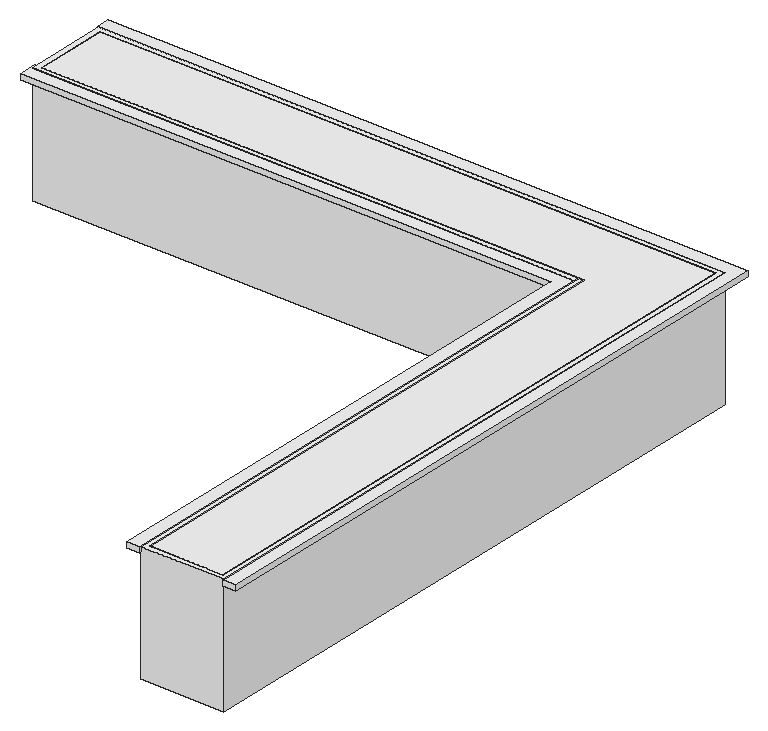
Revit family "Lighting-Recessed-Ledalite-TruGroove-LED_Flat_Corner V", category Lighting Fixtures, host Face, Revit 2017 (continued)
Types (135): name | Wattage | Trimless/TGrid | Trim Width | Trim Length | Trim | built-in parameter 1150134 | Spacing to Mounting Height Ratio Diagonal | Spacing to Mounting Height Ratio 90 Degree Plane | Spacing to Mounting Height Ratio 0 Degree Plane | Photometric Web File | Model | built-in parameter 1150105 | Lumens | LER Luminaire Efficacy Rating | built-in parameter 1150107 | built-in parameter 1150106 | Description | Depth below Ceiling | Depth | Catalog Number | Apparent Load
  39A1LCGQx422 | 14.3259 W | no | 4 1/2" | 26 77/256" | yes | (empty or 0) | "1.52" | "1.76" | "1.42" | "39x1LCGQxx04.ies" | "39A1LCGQx422" | 169.34 (stored number, unit not read) | 2128 lm | "76" | 3000 (stored number, unit not read) | 1.6934 (stored number, unit not read) | "2x2 Flat Corner, Performance LED, 3000K, 2200 Nominal Delivered Lumens, Flush Meso Lens, Drywall Trim" | 41/256" | 4 225/256" | "39A1LCGQx422" | 28 VA
  39A1LCGQx322 | 14.3259 W | yes | 6 61/256" | 27 13/128" | no | (empty or 0) | "1.52" | "1.76" | "1.42" | "39x1LCGQxx04.ies" | "39A1LCGQx322" | 169.34 (stored number, unit not read) | 2128 lm | "76" | 3000 (stored number, unit not read) | 1.6934 (stored number, unit not read) | "2x2 Flat Corner, Performance LED, 3000K, 2200 Nominal Delivered Lumens, Flush Meso Lens, Drywall Trimless" | 41/256" | 4 225/256" | "39A1LCGQx322" | 28 VA
  39A1LCGRx122 | 12.7169 W | yes | 4" | 25 115/128" | no | (empty or 0) | "1.4" | "1.5" | "1.34" | "39x1LCGRxx04.ies" | "39A1LCGRx122" | 150.32 (stored number, unit not read) | 1889 lm | "67" | 3000 (stored number, unit not read) | 1.5032 (stored number, unit not read) | "2x2 Flat Corner, Performance LED, 3000K, 2200 Nominal Delivered Lumens, Regressed Meso Lens, T- Grid" | 0" | 4 23/32" | "39A1LCGRx122" | 28.2 VA
  39A1LCGRx422 | 12.7169 W | no | 4 1/2" | 26 77/256" | yes | (empty or 0) | "1.4" | "1.5" | "1.34" | "39x1LCGRxx04.ies" | "39A1LCGRx422" | 150.32 (stored number, unit not read) | 1889 lm | "67" | 3000 (stored number, unit not read) | 1.5032 (stored number, unit not read) | "2x2 Flat Corner, Performance LED, 3000K, 2200 Nominal Delivered Lumens, Regressed Meso Lens, Drywall Trim" | 41/256" | 4 225/256" | "39A1LCGRx422" | 28.2 VA
  39A1LCGRx322 | 12.7169 W | yes | 6 61/256" | 27 13/128" | no | (empty or 0) | "1.4" | "1.5" | "1.34" | "39x1LCGRxx04.ies" | "39A1LCGRx322" | 150.32 (stored number, unit not read) | 1889 lm | "67" | 3000 (stored number, unit not read) | 1.5032 (stored number, unit not read) | "2x2 Flat Corner, Performance LED, 3000K, 2200 Nominal Delivered Lumens, Regressed Meso Lens, Drywall Trimless" | 41/256" | 4 225/256" | "39A1LCGRx322" | 28.2 VA
  39A1LCKQx122 | 9.92312 W | yes | 4" | 25 115/128" | no | (empty or 0) | "1.52" | "1.76" | "1.42" | "39x1LCKQxx04.ies" | "39A1LCKQx122" | 117.3 (stored number, unit not read) | 1474 lm | "78" | 3000 (stored number, unit not read) | 1.173 (stored number, unit not read) | "2x2 Flat Corner, Performance LED, 3000K, 1500 Nominal Delivered Lumens, Flush Meso Lens, T- Grid" | 0" | 4 23/32" | "39A1LCKQx122" | 18.8 VA
  39A1LCKQx422 | 9.92312 W | no | 4 1/2" | 26 77/256" | yes | (empty or 0) | "1.52" | "1.76" | "1.42" | "39x1LCKQxx04.ies" | "39A1LCKQx422" | 117.3 (stored number, unit not read) | 1474 lm | "78" | 3000 (stored number, unit not read) | 1.173 (stored number, unit not read) | "2x2 Flat Corner, Performance LED, 3000K, 1500 Nominal Delivered Lumens, Flush Meso Lens, Drywall Trim" | 41/256" | 4 225/256" | "39A1LCKQx422" | 18.8 VA
  39A1LCKQx322 | 9.92312 W | yes | 6 61/256" | 27 13/128" | no | (empty or 0) | "1.52" | "1.76" | "1.42" | "39x1LCKQxx04.ies" | "39A1LCKQx322" | 117.3 (stored number, unit not read) | 1474 lm | "78" | 3000 (stored number, unit not read) | 1.173 (stored number, unit not read) | "2x2 Flat Corner, Performance LED, 3000K, 1500 Nominal Delivered Lumens, Flush Meso Lens, Drywall Trimless" | 41/256" | 4 225/256" | "39A1LCKQx322" | 18.8 VA
  39A1LCKRx122 | 8.80559 W | yes | 4" | 25 115/128" | no | (empty or 0) | "1.4" | "1.5" | "1.34" | "39x1LCKRxx04.ies" | "39A1LCKRx122" | 104.09 (stored number, unit not read) | 1308 lm | "69" | 3000 (stored number, unit not read) | 1.0409 (stored number, unit not read) | "2x2 Flat Corner, Performance LED, 3000K, 1500 Nominal Delivered Lumens, Regressed Meso Lens, T- Grid" | 0" | 4 23/32" | "39A1LCKRx122" | 18.9 VA
  39A1LCKRx422 | 8.80559 W | no | 4 1/2" | 26 77/256" | yes | (empty or 0) | "1.4" | "1.5" | "1.34" | "39x1LCKRxx04.ies" | "39A1LCKRx422" | 104.09 (stored number, unit not read) | 1308 lm | "69" | 3000 (stored number, unit not read) | 1.0409 (stored number, unit not read) | "2x2 Flat Corner, Performance LED, 3000K, 1500 Nominal Delivered Lumens, Regressed Meso Lens, Drywall Trim" | 41/256" | 4 225/256" | "39A1LCKRx422" | 18.9 VA
  39A1LCKRx322 | 8.80559 W | yes | 6 61/256" | 27 13/128" | no | (empty or 0) | "1.4" | "1.5" | "1.34" | "39x1LCKRxx04.ies" | "39A1LCKRx322" | 104.09 (stored number, unit not read) | 1308 lm | "69" | 3000 (stored number, unit not read) | 1.0409 (stored number, unit not read) | "2x2 Flat Corner, Performance LED, 3000K, 1500 Nominal Delivered Lumens, Regressed Meso Lens, Drywall Trimless" | 41/256" | 4 225/256" | "39A1LCKRx322" | 18.9 VA
  39A8LAEQx122 | 20.129 W | yes | 4" | 25 115/128" | no | 12 | "1.22" | "1.24" | "1.44" | "39x8LAEQxx04.ies" | "39A8LAEQx122" | 237.94 (stored number, unit not read) | 2990 lm | "71" | 4000 (stored number, unit not read) | 2.3794 (stored number, unit not read) | "2x2 Flat Corner, Asymmetric LED, 4000K, 3000 Nominal Delivered Lumens, Flush Meso Lens, T-Grid" | 0" | 4 23/32" | "39A8LAEQx122" | 42 VA
  39A8LAEQx422 | 20.129 W | no | 4 1/2" | 26 77/256" | yes | 12 | "1.22" | "1.24" | "1.44" | "39x8LAEQxx04.ies" | "39A8LAEQx422" | 237.94 (stored number, unit not read) | 2990 lm | "71" | 4000 (stored number, unit not read) | 2.3794 (stored number, unit not read) | "2x2 Flat Corner, Asymmetric LED, 4000K, 3000 Nominal Delivered Lumens, Flush Meso Lens, Drywall Trim" | 41/256" | 4 225/256" | "39A8LAEQx422" | 42 VA
  39A8LAEQx322 | 20.129 W | yes | 6 61/256" | 27 13/128" | no | 12 | "1.22" | "1.24" | "1.44" | "39x8LAEQxx04.ies" | "39A8LAEQx322" | 237.94 (stored number, unit not read) | 2990 lm | "71" | 4000 (stored number, unit not read) | 2.3794 (stored number, unit not read) | "2x2 Flat Corner, Asymmetric LED, 4000K, 3000 Nominal Delivered Lumens, Flush Meso Lens, Drywall Trimless" | 41/256" | 4 225/256" | "39A8LAEQx322" | 42 VA
  39A8LAGQx122 | 14.4875 W | yes | 4" | 25 115/128" | no | 12 | "1.22" | "1.24" | "1.44" | "39x8LAGQxx04.ies" | "39A8LAGQx122" | 171.25 (stored number, unit not read) | 2152 lm | "77" | 4000 (stored number, unit not read) | 1.7125 (stored number, unit not read) | "2x2 Flat Corner, Asymmetric LED, 4000K, 2200 Nominal Delivered Lumens, Flush Meso Lens, T-Grid" | 0" | 4 23/32" | "39A8LAGQx122" | 28.1 VA
  39A8LAGQx422 | 14.4875 W | no | 4 1/2" | 26 77/256" | yes | 12 | "1.22" | "1.24" | "1.44" | "39x8LAGQxx04.ies" | "39A8LAGQx422" | 171.25 (stored number, unit not read) | 2152 lm | "77" | 4000 (stored number, unit not read) | 1.7125 (stored number, unit not read) | "2x2 Flat Corner, Asymmetric LED, 4000K, 2200 Nominal Delivered Lumens, Flush Meso Lens, Drywall Trim" | 41/256" | 4 225/256" | "39A8LAGQx422" | 28.1 VA
  39A8LAGQx322 | 14.4875 W | yes | 6 61/256" | 27 13/128" | no | 12 | "1.22" | "1.24" | "1.44" | "39x8LAGQxx04.ies" | "39A8LAGQx322" | 171.25 (stored number, unit not read) | 2152 lm | "77" | 4000 (stored number, unit not read) | 1.7125 (stored number, unit not read) | "2x2 Flat Corner, Asymmetric LED, 4000K, 2200 Nominal Delivered Lumens, Flush Meso Lens, Drywall Trimless" | 41/256" | 4 225/256" | "39A8LAGQx322" | 0 VA
  39A8LAKQx122 | 9.99717 W | yes | 4" | 25 115/128" | no | 12 | "1.22" | "1.24" | "1.44" | "39x8LAKQxx04.ies" | "39A8LAKQx122" | 118.17 (stored number, unit not read) | 1485 lm | "79" | 4000 (stored number, unit not read) | 1.1817 (stored number, unit not read) | "2x2 Flat Corner, Asymmetric LED, 4000K, 1500 Nominal Delivered Lumens, Flush Meso Lens, T-Grid" | 0" | 4 23/32" | "39A8LAKQx122" | 18.8 VA
  39A8LAKQx422 | 9.99717 W | no | 4 1/2" | 26 77/256" | yes | 12 | "1.22" | "1.24" | "1.44" | "39x8LAKQxx04.ies" | "39A8LAKQx422" | 118.17 (stored number, unit not read) | 1485 lm | "79" | 4000 (stored number, unit not read) | 1.1817 (stored number, unit not read) | "2x2 Flat Corner, Asymmetric LED, 4000K, 1500 Nominal Delivered Lumens, Flush Meso Lens, Drywall Trim" | 41/256" | 4 225/256" | "39A8LAKQx422" | 18.8 VA
  39A8LAKQx322 | 9.99717 W | yes | 6 61/256" | 27 13/128" | no | 12 | "1.22" | "1.24" | "1.44" | "39x8LAKQxx04.ies" | "39A8LAKQx322" | 118.17 (stored number, unit not read) | 1485 lm | "79" | 4000 (stored number, unit not read) | 1.1817 (stored number, unit not read) | "2x2 Flat Corner, Asymmetric LED, 4000K, 1500 Nominal Delivered Lumens, Flush Meso Lens, Drywall Trimless" | 41/256" | 4 225/256" | "39A8LAKQx322" | 18.8 VA
  39A8LBEQx122 | 20.304 W | yes | 4" | 25 115/128" | no | (empty or 0) | "1.22" | "1.24" | "1.44" | "39x8LBEQxx04.ies" | "39A8LBEQx122" | 240.01 (stored number, unit not read) | 3016 lm | "72" | 3500 (stored number, unit not read) | 2.4001 (stored number, unit not read) | "2x2 Flat Corner, Asymmetric LED, 3500K, 3000 Nominal Delivered Lumens, Flush Meso Lens, T-Grid" | 0" | 4 23/32" | "39A8LBEQx122" | 41.6 VA
  39A8LBEQx422 | 20.304 W | no | 4 1/2" | 26 77/256" | yes | (empty or 0) | "1.22" | "1.24" | "1.44" | "39x8LBEQxx04.ies" | "39A8LBEQx422" | 240.01 (stored number, unit not read) | 3016 lm | "72" | 3500 (stored number, unit not read) | 2.4001 (stored number, unit not read) | "2x2 Flat Corner, Asymmetric LED, 3500K, 3000 Nominal Delivered Lumens, Flush Meso Lens, Drywall Trim" | 41/256" | 4 225/256" | "39A8LBEQx422" | 41.6 VA
  39A8LBEQx322 | 20.304 W | yes | 6 61/256" | 27 13/128" | no | (empty or 0) | "1.22" | "1.24" | "1.44" | "39x8LBEQxx04.ies" | "39A8LBEQx322" | 240.01 (stored number, unit not read) | 3016 lm | "72" | 3500 (stored number, unit not read) | 2.4001 (stored number, unit not read) | "2x2 Flat Corner, Asymmetric LED, 3500K, 3000 Nominal Delivered Lumens, Flush Meso Lens, Drywall Trimless" | 41/256" | 4 225/256" | "39A8LBEQx322" | 41.6 VA
  39A8LBGQx122 | 14.5885 W | yes | 4" | 25 115/128" | no | (empty or 0) | "1.22" | "1.24" | "1.44" | "39x8LBGQxx04.ies" | "39A8LBGQx122" | 172.44 (stored number, unit not read) | 2167 lm | "78" | 3500 (stored number, unit not read) | 1.7244 (stored number, unit not read) | "2x2 Flat Corner, Asymmetric LED, 3500K, 2200 Nominal Delivered Lumens, Flush Meso Lens, T-Grid" | 0" | 4 23/32" | "39A8LBGQx122" | 27.8 VA
  39A8LBGQx422 | 14.5885 W | no | 4 1/2" | 26 77/256" | yes | (empty or 0) | "1.22" | "1.24" | "1.44" | "39x8LBGQxx04.ies" | "39A8LBGQx422" | 172.44 (stored number, unit not read) | 2167 lm | "78" | 3500 (stored number, unit not read) | 1.7244 (stored number, unit not read) | "2x2 Flat Corner, Asymmetric LED, 3500K, 2200 Nominal Delivered Lumens, Flush Meso Lens, Drywall Trim" | 41/256" | 4 225/256" | "39A8LBGQx422" | 27.8 VA
  39A8LBGQx322 | 14.5885 W | yes | 6 61/256" | 27 13/128" | no | (empty or 0) | "1.22" | "1.24" | "1.44" | "39x8LBGQxx04.ies" | "39A8LBGQx322" | 172.44 (stored number, unit not read) | 2167 lm | "78" | 3500 (stored number, unit not read) | 1.7244 (stored number, unit not read) | "2x2 Flat Corner, Asymmetric LED, 3500K, 2200 Nominal Delivered Lumens, Flush Meso Lens, Drywall Trimless" | 41/256" | 4 225/256" | "39A8LBGQx322" | 27.8 VA
  39A8LBKQx122 | 10.078 W | yes | 4" | 25 115/128" | no | (empty or 0) | "1.22" | "1.24" | "1.44" | "39x8LBKQxx04.ies" | "39A8LBKQx122" | 119.13 (stored number, unit not read) | 1497 lm | "80" | 3500 (stored number, unit not read) | 1.1913 (stored number, unit not read) | "2x2 Flat Corner, Asymmetric LED, 3500K, 1500 Nominal Delivered Lumens, Flush Meso Lens, T-Grid" | 0" | 4 23/32" | "39A8LBKQx122" | 18.7 VA
  39A8LBKQx422 | 10.078 W | no | 4 1/2" | 26 77/256" | yes | (empty or 0) | "1.22" | "1.24" | "1.44" | "39x8LBKQxx04.ies" | "39A8LBKQx422" | 119.13 (stored number, unit not read) | 1497 lm | "80" | 3500 (stored number, unit not read) | 1.1913 (stored number, unit not read) | "2x2 Flat Corner, Asymmetric LED, 3500K, 1500 Nominal Delivered Lumens, Flush Meso Lens, Drywall Trim" | 41/256" | 4 225/256" | "39A8LBKQx422" | 18.7 VA
  39A8LBKQx322 | 10.078 W | yes | 6 61/256" | 27 13/128" | no | (empty or 0) | "1.22" | "1.24" | "1.44" | "39x8LBKQxx04.ies" | "39A8LBKQx322" | 119.13 (stored number, unit not read) | 1497 lm | "80" | 3500 (stored number, unit not read) | 1.1913 (stored number, unit not read) | "2x2 Flat Corner, Asymmetric LED, 3500K, 1500 Nominal Delivered Lumens, Flush Meso Lens, Drywall Trimless" | 41/256" | 4 225/256" | "39A8LBKQx322" | 18.7 VA
  39A8LCEQx122 | 19.4962 W | yes | 4" | 25 115/128" | no | (empty or 0) | "1.22" | "1.24" | "1.44" | "39x8LCEQxx04.ies" | "39A8LCEQx122" | 230.46 (stored number, unit not read) | 2896 lm | "69" | 3000 (stored number, unit not read) | 2.3046 (stored number, unit not read) | "2x2 Flat Corner, Asymmetric LED, 3000K, 3000 Nominal Delivered Lumens, Flush Meso Lens, T-Grid" | 0" | 4 23/32" | "39A8LCEQx122" | 41.7 VA
  39A8LCEQx422 | 19.4962 W | no | 4 1/2" | 26 77/256" | yes | (empty or 0) | "1.22" | "1.24" | "1.44" | "39x8LCEQxx04.ies" | "39A8LCEQx422" | 230.46 (stored number, unit not read) | 2896 lm | "69" | 3000 (stored number, unit not read) | 2.3046 (stored number, unit not read) | "2x2 Flat Corner, Asymmetric LED, 3000K, 3000 Nominal Delivered Lumens, Flush Meso Lens, Drywall Trim" | 41/256" | 4 225/256" | "39A8LCEQx422" | 41.7 VA
  39A8LCEQx322 | 19.4962 W | yes | 6 61/256" | 27 13/128" | no | (empty or 0) | "1.22" | "1.24" | "1.44" | "39x8LCEQxx04.ies" | "39A8LCEQx322" | 230.46 (stored number, unit not read) | 2896 lm | "69" | 3000 (stored number, unit not read) | 2.3046 (stored number, unit not read) | "2x2 Flat Corner, Asymmetric LED, 3000K, 3000 Nominal Delivered Lumens, Flush Meso Lens, Drywall Trimless" | 41/256" | 4 225/256" | "39A8LCEQx322" | 0 VA
  39A8LCGQx122 | 14.0903 W | yes | 4" | 25 115/128" | no | (empty or 0) | "1.22" | "1.24" | "1.44" | "39x8LCGQxx04.ies" | "39A8LCGQx122" | 166.56 (stored number, unit not read) | 2093 lm | "74" | 3000 (stored number, unit not read) | 1.6656 (stored number, unit not read) | "2x2 Flat Corner, Asymmetric LED, 3000K, 2200 Nominal Delivered Lumens, Flush Meso Lens, T-Grid" | 0" | 4 23/32" | "39A8LCGQx122" | 28.2 VA
  39A8LCGQx422 | 14.0903 W | no | 4 1/2" | 26 77/256" | yes | (empty or 0) | "1.22" | "1.24" | "1.44" | "39x8LCGQxx04.ies" | "39A8LCGQx422" | 166.56 (stored number, unit not read) | 2093 lm | "74" | 3000 (stored number, unit not read) | 1.6656 (stored number, unit not read) | "2x2 Flat Corner, Asymmetric LED, 3000K, 2200 Nominal Delivered Lumens, Flush Meso Lens, Drywall Trim" | 41/256" | 4 225/256" | "39A8LCGQx422" | 28.2 VA
  39A8LCGQx322 | 14.0903 W | yes | 6 61/256" | 27 13/128" | no | (empty or 0) | "1.22" | "1.24" | "1.44" | "39x8LCGQxx04.ies" | "39A8LCGQx322" | 166.56 (stored number, unit not read) | 2093 lm | "74" | 3000 (stored number, unit not read) | 1.6656 (stored number, unit not read) | "2x2 Flat Corner, Asymmetric LED, 3000K, 2200 Nominal Delivered Lumens, Flush Meso Lens, Drywall Trimless" | 41/256" | 4 225/256" | "39A8LCGQx322" | 28.2 VA
  39A8LCKQx122 | 9.75482 W | yes | 4" | 25 115/128" | no | (empty or 0) | "1.22" | "1.24" | "1.44" | "39x8LCKQxx04.ies" | "39A8LCKQx122" | 115.31 (stored number, unit not read) | 1449 lm | "77" | 3000 (stored number, unit not read) | 1.1531 (stored number, unit not read) | "2x2 Flat Corner, Asymmetric LED, 3000K, 1500 Nominal Delivered Lumens, Flush Meso Lens, T-Grid" | 0" | 4 23/32" | "39A8LCKQx122" | 18.9 VA
  39A8LCKQx422 | 9.75482 W | no | 4 1/2" | 26 77/256" | yes | (empty or 0) | "1.22" | "1.24" | "1.44" | "39x8LCKQxx04.ies" | "39A8LCKQx422" | 115.31 (stored number, unit not read) | 1449 lm | "77" | 3000 (stored number, unit not read) | 1.1531 (stored number, unit not read) | "2x2 Flat Corner, Asymmetric LED, 3000K, 1500 Nominal Delivered Lumens, Flush Meso Lens, Drywall Trim" | 41/256" | 4 225/256" | "39A8LCKQx422" | 18.9 VA
  39A8LCKQx322 | 9.75482 W | yes | 6 61/256" | 27 13/128" | no | (empty or 0) | "1.22" | "1.24" | "1.44" | "39x8LCKQxx04.ies" | "39A8LCKQx322" | 115.31 (stored number, unit not read) | 1449 lm | "77" | 3000 (stored number, unit not read) | 1.1531 (stored number, unit not read) | "2x2 Flat Corner, Asymmetric LED, 3000K, 1500 Nominal Delivered Lumens, Flush Meso Lens, Drywall Trimless" | 41/256" | 4 225/256" | "39A8LCKQx322" | 18.9 VA
